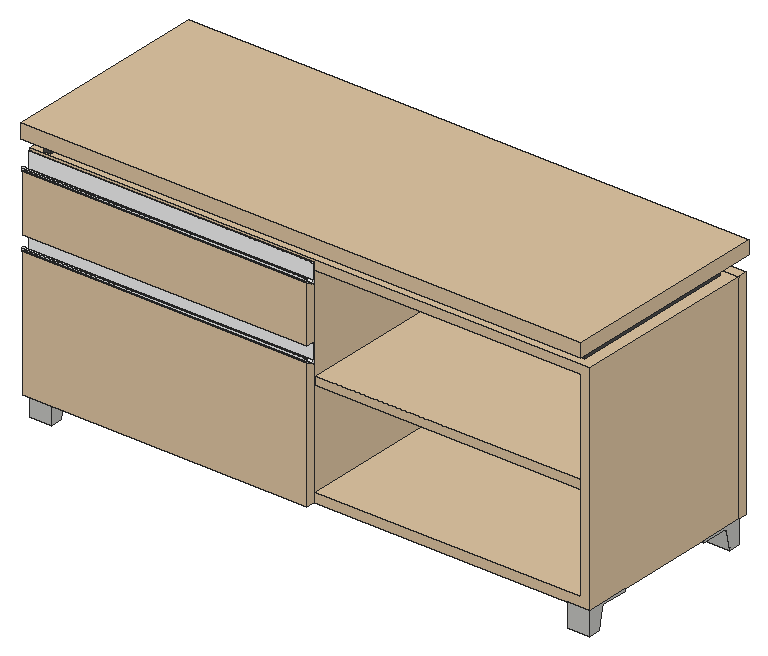
Revit family
Parameters (values of type "48" x One and One Half High")
  Warranty = "www.haworth.com/en-us/Products/Pages/Certifications.aspx"
  URL - Product = "www.haworth.com/en-us/Spaces/2011-NeoCon/New-Products/Pages/Beside-Storage.aspx"
  Two High = not(One and One Half High)  # no
  Top Open Shelf = yes
  Top Finish = Haworth - Wood - Light Maple VP-LM
  Top Drawer Location = if(and(Two High, Top Drawer, No Bottom Drawer, No Open Shelf), Base Unit Height - Top Drawer Height - 3/8", if(and(Two High, Top Open Shelf), Bottom Drawer Height, Bottom Drawer Height))  # 12 5/16"
  Top Drawer Height = if(and(Two High, Top Drawer, Bottom Drawer, No Open Shelf), Bottom Drawer Height, if(and(Two High, Top Drawer, Bottom Drawer, Top Open Shelf), (Bottom Drawer Height / 2), (Bottom Drawer Height / 2)))  # 6 5/32"
  Top Drawer = yes
  Sustainability Info = "www.haworth.com/en-us/About-Us/Sustainability/Pages/Vision.aspx"
  Straight Legs = no
  Storage Top Height = 1 3/16"  # constant formula
  Width = 48"
  Storage Top Depth = 18"  # constant formula
  Spacer Finish = Haworth - Laminate - Black
  Single Shelf = # of Shelves < 2  # yes
  Shelf Finish = Haworth - Wood - Light Maple VP-LM
  One and One Half High = yes
  No Open Shelf = not(Top Open Shelf)  # no
  No Bottom Drawer = not(Bottom Drawer)  # no
  Leg Finish = Haworth - Metallic Paint - Champagne
  Left Shelf = Top Open Shelf  # yes
  Shelves = # of Shelves > 1  # no
  Shelf Width = ((Actual Width - (2 * Panel Thickness)) / 2) - (Panel Thickness / 2)  # 22 7/8"
  Shelf Thickness = 3/4"  # constant formula
  Shelf Spacing = (Base Unit Height - (2 * Panel Thickness)) / (Actual # of Shelves + 1)  # 5.70833"
  Shelf Face Offset = 1/8"  # constant formula
  Shelf Depth = Actual Depth - 1" - Shelf Face Offset - 1/2" - 1/4"  # 14 5/8"
  Panel Thickness = 3/4"  # constant formula
  Model = "Beside"
  Middle Spacer = Actual Width > 47"  # yes
  Middle Leg Location = if(Chamfer Legs, 6 5/8", 7 3/4")  # 6 5/8"
  Middle Leg = Actual Width > 48"  # no
  Left Shelf Height = if(and(Two High, Top Drawer, Top Open Shelf), Base Height + Bottom Drawer Height + Top Drawer Height - 3/8", Base Height + Bottom Drawer Height - 3/8")  # 13 15/16"
  LEED Data = "www2.haworth.com/Promo/Reside-Beside-Belong/LEED-Beside.pdf"
  J Pull = not(Blade Pull)  # yes
  Hardware Finish = Haworth - Metal - Brushed Aluminum
  Front Finish = Haworth - Metallic Paint - Champagne
  Finished Back = yes
  Edge Finish = Haworth - Laminate - Maple H-AE
  Drawer Width = (Actual Width / 2) + (Panel Thickness / 2)  # 24 3/8"
  Drawer Offset = 5/16"  # constant formula
  Drawer Finish = Haworth - Wood - Light Maple VP-LM
  Custom Size = not(or(Width = 48", Width = 60", Width = 72"))  # no
  Chamfer Legs = not(Straight Legs)  # yes
  Cabinet Finish = Haworth - Wood - Light Maple VP-LM
  Bottom Drawer Height = if(One and One Half High, 12 5/16", (Base Unit Height / 2))  # 12 5/16"
  Description = "Beside Storage Base Unit - Double Drawer Combo"  # constant formula
  URL = "www.haworth.com"
  Size = "Verify Final Dim. w/ Haworth"  # constant formula
  Revision Number = "1"  # constant formula
  Min. Width = 48"  # constant formula
  Max. Width = 72"  # constant formula
  Min. Height = 17"  # constant formula
  Max. Height = 29"  # constant formula
  Manufacturer = "Haworth"  # constant formula
  Spacer Height = 1 3/16"  # constant formula
  Bottom Drawer = yes
  Blade Pull = no
  Base Unit Height = Actual Height - Storage Top Height - Spacer Height - Base Height  # 18 5/8"
  Base Height = 2"  # constant formula
  Back Finish = Haworth - Wood - Light Maple VP-LM
  Author = "SHAPE Environments, LLC"  # constant formula
  Assembly Code = "E2020200"
  Actual Width = if(Width > Max. Width, Max. Width, if(Width < Min. Width, Min. Width, Width))  # 48"
  Actual Height = if(One and One Half High, 23", 29")  # 23"
  Standard Width = "48, 60, 72 in."  # constant formula
  Standard Depth = "16.5 in."  # constant formula
  Standard Height = "17, 23, 29 in."  # constant formula
  Max # of Shelves = if(One and One Half High, 3, 4)  # 3
  Actual Depth = 16 1/2"  # constant formula
  Actual # of Shelves = if(# of Shelves < 2, 2, if(and(One and One Half High, # of Shelves > 3), 3, if(and(Two High, # of Shelves > 4), 4, # of Shelves)))  # 2
  # of Shelves = 1
Types (6): name | Two High | Width | One and One Half High | Shelf Width | Shelf Spacing | Middle Leg | Left Shelf Height | J Pull | Drawer Width | Blade Pull | Base Unit Height | Actual Width | Actual Height | Max # of Shelves
  48" x One and One Half High | no | 48" | yes | 22 7/8" | 5.70833" | no | 13 15/16" | yes | 24 3/8" | no | 18 5/8" | 48" | 23" | 3
  48" x Two High | yes | 48" | no | 22 7/8" | 7.70833" | no | 20 3/32" | no | 24 3/8" | yes | 24 5/8" | 48" | 29" | 4
  60" x One and One Half High | no | 60" | yes | 28 7/8" | 5.70833" | yes | 13 15/16" | no | 30 3/8" | yes | 18 5/8" | 60" | 23" | 3
  60" x Two High | yes | 60" | no | 28 7/8" | 7.70833" | yes | 20 3/32" | no | 30 3/8" | yes | 24 5/8" | 60" | 29" | 4
  72" x One and One Half High | no | 72" | yes | 34 7/8" | 5.70833" | yes | 13 15/16" | no | 36 3/8" | yes | 18 5/8" | 72" | 23" | 3
  72" x Two High | yes | 72" | no | 34 7/8" | 7.70833" | yes | 20 3/32" | no | 36 3/8" | yes | 24 5/8" | 72" | 29" | 4
Reference planes (in)
  plane 1 "Center F/B": y = 2.5
  plane 2 "Unit Bottom": z = 2
  plane 3 "Center L/R": x = 0.00055
  plane 4 "Unit Top": z = 20.625
  plane 5 "Base Bottom": z = 0
  plane 6 "Unit Left Edge": x = -23.99945
  plane 7 "Right": x = 24.00055
  plane 8 "Back": y = 10.5
  plane 9 "Face of Cabinet": y = -5.5
  plane 10 "Left Interior": x = -23.24918
  plane 11 "Right Interior": x = 23.25027
  plane 12 "Cabinet Interior Top": z = 19.875
  plane 13 "Cabinet Interior Bottom": z = 2.75
  plane 14 "Front": y = -6
  plane 15: y = 11.25
  plane 16 "Back Panel Front": y = 9.25
  plane 17 "Back Panel Back": y = 9.5
  plane 18 "Spacer Top": z = 21.8125
  plane 19 "Worksurface Top": z = 23
  plane 20 "Shelf Front Face": y = -5.375
  plane 21 "Drawer Centerline": x = -11.81195
  plane 22 "Drawer Right": x = 0.37555
  plane 23 "Left Shelf Bottom": z = 13.9375
  plane 24 "Bottom Drawer Top": z = 14.3125
  plane 25 "Top Drawer Bottom": z = 14.3125
Forms (in)
  Extrusion 1, solid, material "Haworth - Wood - Light Maple VP-LM" <- "Cabinet Finish"
    sketch origin (0, 0, 0) x (1, 0, 0) y (0, 1, 0)
      loop
        line (-23.24918, 9.5) -> (-23.24918, 9.25) -> (23.25027, 9.25) -> (23.25027, 9.5) -> (-23.24918, 9.5)
    from 2.75 to 19.875
  Extrusion 2, solid, material "Haworth - Wood - Light Maple VP-LM" <- "Cabinet Finish"
    sketch origin (0, 10.5, 0) x (1, 0, 0) y (0, 0, 1)
      loop
        line (-23.99945, 20.625) -> (-23.99945, 2) -> (24, 2) -> (24, 20.625) -> (-23.99945, 20.625)
      loop
        line (-23.24945, 19.875) -> (-23.24945, 2.75) -> (23.24945, 2.75) -> (23.24945, 19.875) -> (-23.24945, 19.875)
    from 0 to 16
  Extrusion 3, solid, material "Haworth - Wood - Light Maple VP-LM" <- "Back Finish", visible <- "Finished Back"
    sketch origin (0, 10.5, 0) x (1, 0, 0) y (0, 0, 1)
      loop
        line (-23.99945, 20.625) -> (-23.99945, 2) -> (24.00055, 2) -> (24.00055, 20.625) -> (-23.99945, 20.625)
    from 0 to -0.75
  Extrusion 4, solid, material "Haworth - Laminate - Black" <- "Spacer Finish"
    sketch origin (23.25027, -180, 0.75) x (0, 0, -1) y (0, -1, 0)
      loop
        line (-21.0625, -175.25) -> (-21.0625, -189.75) -> (-19.875, -189.75) -> (-19.875, -175.25) -> (-21.0625, -175.25)
    from 0.25082 to 0.87582
  Extrusion 5, solid, material "Haworth - Laminate - Black" <- "Spacer Finish"
    sketch origin (-23.24918, -180, 0.75) x (0, 0, -1) y (0, -1, 0)
      loop
        line (-21.0625, -174.75) -> (-21.0625, -189.25) -> (-19.875, -189.25) -> (-19.875, -174.75) -> (-21.0625, -174.75)
    from -0.25 to -0.875
  Extrusion 6, solid, material "Haworth - Laminate - Black" <- "Spacer Finish"
    sketch origin (0.00055, 0, 0) x (0, 1, 0) y (0, 0, 1)
      loop
        line (-4.75, 21.8125) -> (-4.75, 20.625) -> (9.75, 20.625) -> (9.75, 21.8125) -> (-4.75, 21.8125)
    from -0.3125 to 0.3125
  Extrusion 7, solid, material "Haworth - Wood - Light Maple VP-LM" <- "Cabinet Finish"
    sketch origin (0, 0, 0) x (1, 0, 0) y (0, 1, 0)
      loop
        line (-0.37445, 9.25) -> (-0.37445, -5.5) -> (0.37555, -5.5) -> (0.37555, 9.25) -> (-0.37445, 9.25)
    from 2.75 to 19.875
  Extrusion 8, solid, material "Haworth - Laminate - Black" <- "Spacer Finish"
    sketch origin (0, 0, 0) x (1, 0, 0) y (0, 1, 0)
      loop
        line (-22.37418, 2.875) -> (-22.37418, 2.125) -> (-0.31195, 2.125) -> (-0.31195, 2.875) -> (-22.37418, 2.875)
    from 20.625 to 21.8125
  Extrusion 9, solid, material "Haworth - Laminate - Black" <- "Spacer Finish"
    sketch origin (0.00109, 0, 0) x (-1, 0, 0) y (0, -1, 0)
      loop
        line (-22.37336, -2.875) -> (-0.31195, -2.875) -> (-0.31195, -2.125) -> (-22.37336, -2.125) -> (-22.37336, -2.875)
    from 20.625 to 21.8125
Cuts and joins
  joined: Extrusion 4, Extrusion 5, Extrusion 6, Extrusion 8, Extrusion 9
Lines and regions (in)
  Masking region 1
    outline origin (0, 0, 23) x (-1, 0, 0) y (0, -1, 0)
      loop
        line (23.99945, -11.5) -> (23.99945, 6.5) -> (-24.00055, 6.5) -> (-24.00055, -11.5) -> (23.99945, -11.5)
  symbolic lines, style "Haworth Hidden", detail levels fine
    curve 1: line (24.00055, 10.5, 20.625) -> (-23.99945, 10.5, 20.625)
    curve 2: line (-23.99945, 10.5, 20.625) -> (-23.99945, -5.5, 20.625)
    curve 3: line (24.00055, -5.5, 20.625) -> (24.00055, 10.5, 20.625)
    curve 7: line (24.00055, -5.5, 20.625) -> (-23.99945, -5.5, 20.625)
  symbolic lines, style "Haworth Hidden", visible <- "Finished Back", detail levels fine
    curve 4: line (24.00055, 10.5, 20.625) -> (24.00055, 11.25, 20.625)
    curve 5: line (24.00055, 11.25, 20.625) -> (-23.99945, 11.25, 20.625)
    curve 6: line (-23.99945, 11.25, 20.625) -> (-23.99945, 10.5, 20.625)
Dimensions and locks (in)
  equal spacing: plane 6 "Unit Left Edge", plane 3 "Center L/R", plane 7 "Right"
  "Actual Width": plane 6 "Unit Left Edge" to plane 7 "Right"
  equal spacing: plane 9 "Face of Cabinet", plane 1 "Center F/B", plane 8 "Back"
  "Actual Depth": plane 14 "Front" to plane 8 "Back"
  "Actual Height": plane 19 "Worksurface Top" to level
  Extrusion 2 to plane 7 "Right" = 0.75109"
  locked: plane 6 "Unit Left Edge" to Extrusion 2 at 0.75
  locked: plane 6 "Unit Left Edge" to plane 10 "Left Interior" at 0.75027
  locked: plane 11 "Right Interior" to plane 7 "Right" at 0.75027
  locked: plane 13 "Cabinet Interior Bottom" to plane 2 "Unit Bottom" at 0.75
  "Base Height": plane 2 "Unit Bottom" to level
  locked: plane 4 "Unit Top" to plane 12 "Cabinet Interior Top" at 0.75
  plane 15 to plane 8 "Back" = 3/4"
  plane 8 "Back" to plane 17 "Back Panel Back" to plane 16 "Back Panel Front" = 1", 1/4"
  "Base Unit Height": plane 4 "Unit Top" to plane 2 "Unit Bottom"
  "Spacer Height": plane 18 "Spacer Top" to plane 4 "Unit Top"
  locked: Extrusion 4 sketch curve to Extrusion 4 sketch curve at 14.5
  equal spacing: Extrusion 4 sketch curve, plane 1 "Center F/B", Extrusion 4 sketch curve
  locked: plane 11 "Right Interior" to Extrusion 4 at 0.25082
  locked: Extrusion 5 sketch curve to Extrusion 5 sketch curve at 14.5
  equal spacing: Extrusion 5 sketch curve, plane 1 "Center F/B", Extrusion 5 sketch curve
  locked: plane 10 "Left Interior" to Extrusion 5 at 0.25
  equal spacing: Extrusion 6 sketch curve, plane 1 "Center F/B", Extrusion 6 sketch curve
  "Middle Leg Location": plane 9 "Face of Cabinet" to nested 6
  "Shelf Face Offset": plane 9 "Face of Cabinet" to plane 20 "Shelf Front Face"
  equal spacing: Extrusion 7 sketch curve, plane 3 "Center L/R", Extrusion 7 sketch curve
  "Panel Thickness": Extrusion 7 sketch curve to Extrusion 7 sketch curve
  Extrusion 6 sketch curve to Extrusion 6 sketch curve = 14 1/2"
  "Shelf Spacing": nested 8 to plane 13 "Cabinet Interior Bottom"
  equal spacing: plane 12 "Cabinet Interior Top", nested 7, plane 13 "Cabinet Interior Bottom"
  group 1 to group 2 = 0"  (x2)
  group 1 to group 2 = 5.70833"
  "Shelf Spacing": plane 12 "Cabinet Interior Top" to nested 9
  equal spacing: plane 6 "Unit Left Edge", plane 21 "Drawer Centerline", plane 22 "Drawer Right"
  "Drawer Width": plane 6 "Unit Left Edge" to plane 22 "Drawer Right"
  "Left Shelf Height": plane 23 "Left Shelf Bottom" to plane 5 "Base Bottom"
  "Bottom Drawer Height": plane 24 "Bottom Drawer Top" to plane 2 "Unit Bottom"
  "Top Drawer Location": plane 25 "Top Drawer Bottom" to plane 2 "Unit Bottom"
  locked: Extrusion 8 sketch curve to Extrusion 8 sketch curve at 0.75
  locked: Extrusion 9 sketch curve to Extrusion 9 sketch curve at 0.75
  aligned and locked: plane 11 "Right Interior" to Extrusion 1
  aligned and locked: plane 10 "Left Interior" to Extrusion 1
  aligned and locked: level to plane 5 "Base Bottom"
  aligned and locked: plane 12 "Cabinet Interior Top" to Extrusion 2 sketch curve
  aligned and locked: plane 12 "Cabinet Interior Top" to Extrusion 1
  aligned and locked: Extrusion 1 to plane 13 "Cabinet Interior Bottom"
  aligned and locked: Masking region 1 sketch curve to Extrusion 2
  aligned and locked: plane 9 "Face of Cabinet" to Extrusion 2
  aligned and locked: plane 9 "Face of Cabinet" to nested 2
  aligned and locked: plane 6 "Unit Left Edge" to nested 2
  aligned and locked: plane 7 "Right" to nested 4
  aligned and locked: nested 4 to plane 9 "Face of Cabinet"
  aligned and locked: nested 1 to plane 6 "Unit Left Edge"
  aligned and locked: nested 3 to plane 7 "Right"
  aligned and locked: plane 8 "Back" to nested 1
  aligned and locked: nested 3 to plane 8 "Back"
  aligned and locked: Extrusion 3 sketch curve to Extrusion 2  (x2)
  aligned and locked: Extrusion 3 sketch curve to nested 3
  aligned and locked: Extrusion 3 to plane 15
  aligned and locked: plane 17 "Back Panel Back" to Extrusion 1
  aligned and locked: plane 16 "Back Panel Front" to Extrusion 1
  aligned and locked: plane 2 "Unit Bottom" to Extrusion 3 sketch curve
  aligned and locked: plane 3 "Center L/R" to nested 5
  aligned: plane 1 "Center F/B" to nested 5
  aligned and locked: Extrusion 4 sketch curve to plane 18 "Spacer Top"
  aligned and locked: plane 4 "Unit Top" to Extrusion 4 sketch curve
  aligned and locked: nested 6 to plane 3 "Center L/R"
  aligned and locked: Extrusion 7 to plane 13 "Cabinet Interior Bottom"
  aligned and locked: plane 12 "Cabinet Interior Top" to Extrusion 7
  aligned and locked: plane 18 "Spacer Top" to Extrusion 6
  aligned and locked: Extrusion 6 to plane 4 "Unit Top"
  aligned and locked: plane 18 "Spacer Top" to Extrusion 5
  aligned and locked: Extrusion 5 to plane 4 "Unit Top"
  aligned and locked: plane 20 "Shelf Front Face" to nested 9
  aligned and locked: nested 8 to plane 20 "Shelf Front Face"
  aligned and locked: plane 20 "Shelf Front Face" to nested 7
  aligned and locked: nested 9 to plane 11 "Right Interior"
  aligned and locked: nested 7 to plane 11 "Right Interior"
  aligned and locked: nested 8 to plane 11 "Right Interior"
  aligned and locked: plane 1 "Center F/B" to nested 5
  aligned and locked: plane 21 "Drawer Centerline" to nested 10
  aligned and locked: plane 9 "Face of Cabinet" to nested 10
  aligned and locked: plane 21 "Drawer Centerline" to nested 12
  aligned and locked: plane 20 "Shelf Front Face" to nested 12
  aligned and locked: nested 12 to plane 23 "Left Shelf Bottom"
  aligned: plane 23 "Left Shelf Bottom" to nested 11
  aligned and locked: plane 19 "Worksurface Top" to nested 5
  aligned and locked: plane 25 "Top Drawer Bottom" to nested 11
  aligned and locked: plane 21 "Drawer Centerline" to nested 11
  aligned and locked: Masking region 1 sketch curve to nested 5  (x2)
  aligned and locked: Extrusion 8 to plane 4 "Unit Top"
  aligned and locked: plane 18 "Spacer Top" to Extrusion 8
  aligned and locked: Extrusion 9 to plane 4 "Unit Top"
  aligned and locked: plane 18 "Spacer Top" to Extrusion 9
Automatic sketch dimensions
  Extrusion 1 sketch curve to plane 10 "Left Interior" = 0"
  Extrusion 1 sketch curve to plane 11 "Right Interior" = 0"
  plane 16 "Back Panel Front" to Extrusion 1 sketch curve = 0"
  Extrusion 1 sketch curve to plane 17 "Back Panel Back" = 0"
  Extrusion 2 sketch curve to plane 2 "Unit Bottom" = 0"
  Extrusion 2 sketch curve to plane 6 "Unit Left Edge" = 0"
  Extrusion 2 sketch curve to plane 13 "Cabinet Interior Bottom" = 0"
  Extrusion 2 sketch curve to plane 4 "Unit Top" = 0"
  plane 10 "Left Interior" to Extrusion 2 sketch curve = 0.00027"
  plane 11 "Right Interior" to Extrusion 2 sketch curve = 0.00082"
  Extrusion 2 sketch curve to plane 7 "Right" = 0.00055"
  plane 18 "Spacer Top" to Extrusion 5 sketch curve = 0"
  Extrusion 5 sketch curve to plane 4 "Unit Top" = 0"
  Extrusion 5 sketch curve to plane 16 "Back Panel Front" = 0"
  plane 9 "Face of Cabinet" to Extrusion 7 sketch curve = 0"
  plane 16 "Back Panel Front" to Extrusion 7 sketch curve = 0"
  Extrusion 6 sketch curve to plane 19 "Worksurface Top" = 1 3/16"
  Extrusion 6 sketch curve to plane 4 "Unit Top" = 0"
  plane 1 "Center F/B" to Extrusion 8 sketch curve = 3/8"
  Extrusion 8 sketch curve to plane 10 "Left Interior" = 7/8"
  Extrusion 8 sketch curve to plane 3 "Center L/R" = 5/16"
  Extrusion 9 sketch curve to plane 1 "Center F/B" = 3/8"
  Extrusion 9 sketch curve to plane 11 "Right Interior" = 0.87582"
  plane 22 "Drawer Right" to Extrusion 9 sketch curve = 1/16"
  Masking region 1 sketch curve to plane 7 "Right" = 0"
  curve 3 to plane 7 "Right" = 0"
  curve 7 to plane 6 "Unit Left Edge" = 0"
  plane 15 to curve 4 = 0"
  plane 8 "Back" to curve 4 = 0"
  plane 9 "Face of Cabinet" to curve 2 = 0"
Nested families (in)
  nested 1: "Haworth_Feet" at (-23.06195, 10.5, 0), type "Haworth_Feet"
    with Straight Leg no, Foot Height 2", Chamfer Leg yes
  nested 2: "Haworth_Feet" at (-23.06195, -5.5, 0), type "Haworth_Feet"
    with Straight Leg no, Foot Height 2", Chamfer Leg yes
  nested 3: "Haworth_Feet" at (23.06305, 10.5, 0) x (-1, 0, 0) z (0, 0, 1), type "Haworth_Feet"
    with Straight Leg no, Foot Height 2", Chamfer Leg yes
  nested 4: "Haworth_Feet" at (23.06305, -5.5, 0) x (-1, 0, 0) z (0, 0, 1), type "Haworth_Feet"
    with Straight Leg no, Foot Height 2", Chamfer Leg yes
  nested 5: "Haworth_Beside-Storage-Top" at (0.00055, 2.5, 6), type "17" x 72""
    with Top Height 17", Mounting Offset 15 13/16", Width 48", Actual Width 48"
  nested 6: "Haworth_Feet" at (0.00055, 1.125, 0) x (-1, 0, 0) z (0, 0, 1), visible <- "Middle Leg", type "Haworth_Feet"
    with Straight Leg no, Foot Height 2", Chamfer Leg yes
  nested 7: "Haworth_Shelf" at (3.56277, -2.3125, 10.9375), visible <- "Single Shelf", type "Haworth_Shelf"
    with Shelf Width 22 7/8", Shelf Depth 14 5/8"
  nested 8: "Haworth_Shelf" at (3.56277, -2.3125, 8.08333), visible <- "Shelves", type "Haworth_Shelf"
    with Shelf Width 22 7/8", Shelf Depth 14 5/8"
  nested 9: "Haworth_Shelf" at (3.56277, -2.3125, 13.79167), visible <- "Shelves", type "Haworth_Shelf"
    with Shelf Width 22 7/8", Shelf Depth 14 5/8"
  nested 10: "Haworth_Drawer" at (-11.81195, -5.5, 2), Drawer Height <- "Bottom Drawer Height", visible <- "Bottom Drawer", type "Haworth_Drawer"
    with J Pull Drawer yes, Drawer Height 12 5/16", J Pull yes, Drawer Width 24 3/8", Flush Drawer no, Blade Pull no
  nested 11: "Haworth_Drawer" at (-11.81195, -5.5, 14.3125), visible <- "Top Drawer", Drawer Height <- "Top Drawer Height", type "Haworth_Drawer"
    with J Pull Drawer yes, Drawer Height 6 5/32", J Pull yes, Drawer Width 24 3/8", Flush Drawer no, Blade Pull no
  nested 12: "Haworth_Shelf" at (-20.06195, -2.3125, 13.9375), visible <- "Left Shelf", type "Haworth_Shelf"
    with Shelf Width 22 7/8", Shelf Depth 14 5/8"
Definition of nested family "Haworth_Feet"
  Parameters (values of type "Haworth_Leg")
    URL = "www.haworth.com"
    Sustainability Info = ""
    Straight Leg = not(Chamfer Leg)  # yes
    Material Options = ""
    Manufacturer = "Haworth"  # constant formula
    LEED Data = ""
    Foot Height = 1 1/4"
    Foot Finish = Haworth - Metal - Brushed Aluminum
    Chamfer Leg = no
    Author = "SHAPE Environments, LLC"  # constant formula
    Assembly Code = ""
  Reference planes (in)
    plane 1 "Center F/B": y = 0
    plane 2: z = 0
    plane 3 "Center L/R": x = 0
    plane 4: z = 1.25
  Forms (in)
    Extrusion 1, solid, material "Haworth - Metal - Brushed Aluminum" <- "Foot Finish", visible <- "Chamfer Leg"
      sketch origin (-0.14373, 0, 0) x (0, 1, 0) y (0, 0, 1)
        loop
          line (-1.26716, 0.85296) -> (-1.125, 0) -> (0, 0) -> (0, 1.25) -> (-3.75, 1.25) -> (-3.75, 1.06186) -> (-1.51376, 1.06186)
          arc (-1.51376, 1.06186) -> (-1.35216, 1.00262) -> (-1.26716, 0.85296) r 0.25
      from -0.79377 to 1.08123
    Extrusion 2, solid, material "Haworth - Metal - Brushed Aluminum" <- "Foot Finish", visible <- "Straight Leg"
      sketch origin (0, 0, 0) x (1, 0, 0) y (0, 0, 1)
        loop
          line (-0.75, 1.25) -> (-0.75, 0) -> (0.75, 0) -> (0.75, 1.25) -> (-0.75, 1.25)
      from 0 to 1.5
  Dimensions and locks (in)
    "Foot Height": plane 4 to level
    plane 1 "Center F/B" to Extrusion 1 sketch curve = 3 3/4"
    equal spacing: Extrusion 2 sketch curve, plane 3 "Center L/R", Extrusion 2 sketch curve
    Extrusion 2 sketch curve to Extrusion 2 sketch curve = 1 1/2"
    locked: level to Extrusion 1 sketch curve (angle 80.5377°)
    aligned and locked: Extrusion 2 sketch curve to Extrusion 1  (x2)
    aligned: Extrusion 2 to plane 1 "Center F/B"
  Automatic sketch dimensions
    Extrusion 1 sketch curve to level = 0"
    Extrusion 1 sketch curve to plane 1 "Center F/B" = 0"
    plane 4 to Extrusion 1 sketch curve = 0"
    plane 4 to Extrusion 1 sketch curve = 0.18814"
    plane 1 "Center F/B" to Extrusion 1 sketch curve = 1.51376"
    plane 4 to Extrusion 1 sketch curve = 0.39704"
    Extrusion 1 sketch curve to Extrusion 1 sketch curve = 0.2466"
Definition of nested family "Haworth_Beside-Storage-Top"
  Parameters (values of type "17" x 72"")
    Width = 72"
    Warranty = "www.haworth.com/en-us/Products/Pages/Certifications.aspx"
    URL - Product = ""
    URL = "www.haworth.com"
    Top Thickness = 1 3/16"  # constant formula
    Top Height [instance] = 17"
    Sustainability Info = "www.haworth.com/en-us/About-Us/Sustainability/Pages/Vision.aspx"
    Size = "Verify Final Dim. w/ Haworth"  # constant formula
    Revision Number = "1"  # constant formula
    Mounting Offset [instance] = Top Height - Top Thickness  # 15 13/16"
    Model = "Beside"
    Min/Max Width = "24-96 in."  # constant formula
    Depth = "18 in."  # constant formula
    Min. Width = 24"  # constant formula
    Max. Width = 96"  # constant formula
    Manufacturer = "Haworth"  # constant formula
    LEED Data = ""
    Top Finish = Haworth - Wood - Light Maple VP-LM
    Edge Finish = Haworth - Wood - Light Maple VP-LM
    Description = "Beside Storage Top"  # constant formula
    Author = "SHAPE Environments, LLC"  # constant formula
    Assembly Code = "E2020200"
    Actual Width = if(Width > Max. Width, Max. Width, if(Width < Min. Width, Min. Width, Width))  # 72"
    Actual Depth = 18"  # constant formula
  Reference planes (in)
    plane 1 "Storage Top Center F/B": y = 0
    plane 2: z = 0
    plane 3 "Storage Top Center L/R": x = 0
    plane 4 "Left": x = -36
    plane 5 "Back": y = 9
    plane 6 "Front": y = -9
    plane 7 "Right": x = 36
    plane 8 "Top": z = 17
    plane 9 "Bottom": z = 15.8125
  Forms (in)
    Extrusion 1, solid, material "Haworth - Wood - Light Maple VP-LM" <- "Top Finish"
      sketch origin (-36.03948, -180, 15.8125) x (-1, 0, 0) y (0, -1, 0)
        loop
          line (-0.03948, -189) -> (-0.03948, -171) -> (-72.03948, -171) -> (-72.03948, -189) -> (-0.03948, -189)
      from 0 to 1.1875
  Dimensions and locks (in)
    equal spacing: plane 5 "Back", plane 1 "Storage Top Center F/B", plane 6 "Front"
    "Actual Depth": plane 5 "Back" to plane 6 "Front"
    equal spacing: plane 4 "Left", plane 3 "Storage Top Center L/R", plane 7 "Right"
    "Actual Width": plane 4 "Left" to plane 7 "Right"
    "Mounting Offset": plane 9 "Bottom" to level
    "Top Thickness": plane 8 "Top" to plane 9 "Bottom"
    aligned and locked: plane 5 "Back" to Extrusion 1 sketch curve
    aligned and locked: plane 7 "Right" to Extrusion 1 sketch curve
    aligned and locked: plane 6 "Front" to Extrusion 1 sketch curve
    aligned and locked: plane 4 "Left" to Extrusion 1 sketch curve
    aligned and locked: plane 8 "Top" to Extrusion 1
    aligned and locked: Extrusion 1 to plane 5 "Back"
    aligned and locked: Extrusion 1 to plane 9 "Bottom"
Definition of nested family "Haworth_Shelf"
  Parameters (values of type "Haworth_Shelf")
    Warranty = ""
    URL - Product = ""
    URL = "www.haworth.com"
    Sustainability Info = ""
    Size = "Verify Final Dim. w/ Haworth"  # constant formula
    Shelf Thickness = 3/4"
    Shelf Finish = Haworth - Wood - Light Maple VP-LM
    Revision Number = ""
    Shelf Width = 70 1/2"
    Shelf Depth = 12"
    OmniClass Number = ""
    Min/Max Width = ""
    Min/Max Height = ""
    Min. Width = 0"
    Max. Width = 0"
    Min. Height = 0"
    Max. Height = 0"
    Material Options = ""
    Manufacturer = "Haworth"  # constant formula
    LEED Data = ""
    Author = "SHAPE Environments, LLC"  # constant formula
    Assembly Code = ""
  Reference planes (in)
    plane 1 "Center F/B": y = 4.25
    plane 2: z = 0
    plane 3 "Center L/R": x = 8.25
    plane 4 "Panel Left": x = -27
    plane 5 "Panel Right": x = 43.5
    plane 6 "Panel Back": y = 10.25
    plane 7 "Panel Front": y = -1.75
    plane 8 "Panel Top": z = 0.75
    plane 9 "Panel Centerline": z = 0.375
  Forms (in)
    Extrusion 1, solid, material "Haworth - Wood - Light Maple VP-LM" <- "Shelf Finish"
      sketch origin (0, 0, 0) x (1, 0, 0) y (0, 1, 0)
        loop
          line (-27, 10.25) -> (-27, -1.75) -> (43.5, -1.75) -> (43.5, 10.25) -> (-27, 10.25)
      from 0 to 0.75
  Dimensions and locks (in)
    equal spacing: plane 6 "Panel Back", plane 1 "Center F/B", plane 7 "Panel Front"
    "Shelf Depth": plane 6 "Panel Back" to plane 7 "Panel Front"
    equal spacing: plane 4 "Panel Left", plane 3 "Center L/R", plane 5 "Panel Right"
    "Shelf Width": plane 4 "Panel Left" to plane 5 "Panel Right"
    "Shelf Thickness": plane 8 "Panel Top" to level
    equal spacing: plane 8 "Panel Top", plane 9 "Panel Centerline", plane 2
    aligned and locked: plane 4 "Panel Left" to Extrusion 1 sketch curve
    aligned and locked: Extrusion 1 sketch curve to plane 6 "Panel Back"
    aligned and locked: Extrusion 1 sketch curve to plane 7 "Panel Front"
    aligned and locked: Extrusion 1 sketch curve to plane 5 "Panel Right"
    aligned and locked: plane 8 "Panel Top" to Extrusion 1
Definition of nested family "Haworth_Drawer"
  Parameters (values of type "Haworth_Drawer")
    Pull Taper = no
    Pull Radius = no
    Pull Patterns = no
    Pull Linear = no
    Pull Height = 1 7/16"
    Pull Finish = Haworth - Metal - Brushed Aluminum
    Pull Ellipse = no
    Pull Crescent = no
    Pull Classic = no
    J Pull Drawer [instance] = J Pull  # no
    J Pull = no
    Integral Pull = no
    Front Finish = Haworth - Metallic Paint - Champagne
    Drawer Width = 36 3/8"
    Flush Drawer = not(J Pull)  # yes
    Drawer Height [instance] = 12"
    Drawer Finish = Haworth - Wood - Light Maple VP-LM
    Blade Pull = yes
    Assembly Code = ""
  Reference planes (in)
    plane 1 "Drawer Back": y = 0
    plane 2: z = 0
    plane 3 "Center L/R": x = 0
    plane 4 "Drawer Front": y = -0.75
    plane 5 "Left": x = -18.1875
    plane 6 "Right": x = 18.1875
    plane 7 "Top": z = 12
  Forms (in)
    Extrusion 1, solid, material "Haworth - Wood - Light Maple VP-LM" <- "Drawer Finish", visible <- "J Pull Drawer"
      sketch origin (-18.1875, 0, 0) x (0, 1, 0) y (0, 0, 1)
        loop
          line (0, 10.3125) -> (-0.75, 10.75) -> (-0.75, 0) -> (0, 0) -> (0, 10.3125)
      from 0 to 36.375
    Extrusion 2, solid, material "Haworth - Wood - Light Maple VP-LM" <- "Drawer Finish", visible <- "Flush Drawer"
      sketch origin (-18.1875, 0, 2.25) x (0, 1, 0) y (0, 0, 1)
        loop
          line (0, 9.65625) -> (-0.75, 9.65625) -> (-0.75, -2.25) -> (0, -2.25) -> (0, 9.65625)
      from 0 to 36.375
    Extrusion 3, solid, material "Haworth - Metal - Brushed Aluminum" <- "Pull Finish", visible <- "J Pull"
      sketch origin (0, 0, 0) x (0, 1, 0) y (0, 0, 1)
        loop
          arc (0, 11.96875) -> (-0.03125, 12) -> (-0.0625, 11.96875) r 0.03125
          line (-0.0625, 11.96875) -> (-0.0625, 10.63894)
          arc (-0.0625, 10.63894) -> (-0.12524, 10.53055) -> (-0.25048, 10.53097) r 0.125
          line (-0.25048, 10.53097) -> (-0.71851, 10.80399)
          arc (-0.71851, 10.80399) -> (-0.72986, 10.81541) -> (-0.73401, 10.83098) r 0.03125
          line (-0.73401, 10.83098) -> (-0.73401, 11.03125)
          arc (-0.73401, 11.03125) -> (-0.76526, 11.0625) -> (-0.79651, 11.03125) r 0.03125
          line (-0.79651, 11.03125) -> (-0.79651, 10.83098)
          arc (-0.79651, 10.83098) -> (-0.78406, 10.78429) -> (-0.75, 10.75) r 0.09375
          line (-0.75, 10.75) -> (0, 10.3125) -> (0, 11.96875)
      from -18.1875 to 18.1875
  Dimensions and locks (in)
    equal spacing: plane 5 "Left", plane 3 "Center L/R", plane 6 "Right"
    "Drawer Width": plane 5 "Left" to plane 6 "Right"
    locked: plane 1 "Drawer Back" to plane 4 "Drawer Front" at 0.75
    "Drawer Height": plane 7 "Top" to level
    aligned and locked: Extrusion 1 sketch curve to plane 1 "Drawer Back"
    aligned and locked: Extrusion 1 sketch curve to plane 2
    aligned and locked: Extrusion 1 sketch curve to plane 4 "Drawer Front"
    aligned and locked: Extrusion 1 to plane 6 "Right"
    aligned and locked: Extrusion 2 to plane 6 "Right"
    aligned and locked: plane 1 "Drawer Back" to Extrusion 2 sketch curve
    aligned and locked: level to Extrusion 2 sketch curve
    aligned and locked: Extrusion 2 sketch curve to plane 4 "Drawer Front"
    aligned: nested 1 to plane 7 "Top"  (x2)
    aligned: nested 1 to plane 4 "Drawer Front"
    aligned and locked: plane 3 "Center L/R" to nested 1
    aligned and locked: plane 1 "Drawer Back" to nested 1
    aligned and locked: Extrusion 3 to plane 5 "Left"
    aligned and locked: Extrusion 3 to plane 6 "Right"
    aligned and locked: plane 7 "Top" to nested 1
    aligned and locked: Extrusion 2 sketch curve to nested 1
  Automatic sketch dimensions
    Extrusion 3 sketch curve to Extrusion 3 sketch curve = 0"  (x2)
    Extrusion 3 sketch curve to plane 1 "Drawer Back" = 0"
    Extrusion 3 sketch curve to plane 4 "Drawer Front" = 0.01526"
    plane 4 "Drawer Front" to Extrusion 3 sketch curve = 0"
    Extrusion 3 sketch curve to Extrusion 3 sketch curve = 1/32"
    Extrusion 3 sketch curve to Extrusion 3 sketch curve = 0.06298"
    plane 1 "Drawer Back" to Extrusion 3 sketch curve = 1/16"
    Extrusion 3 sketch curve to plane 7 "Top" = 1/32"
    Extrusion 3 sketch curve to plane 7 "Top" = 31/32"
    Extrusion 3 sketch curve to Extrusion 3 sketch curve = 0.20027"
    Extrusion 3 sketch curve to Extrusion 3 sketch curve = 0.19203"
    Extrusion 3 sketch curve to Extrusion 3 sketch curve = 0.32644"
    Extrusion 1 sketch curve to plane 7 "Top" = 1 11/16"
    Extrusion 3 sketch curve to Extrusion 3 sketch curve = 0.03149"
    Extrusion 3 sketch curve to Extrusion 3 sketch curve = 0.0155"
    Extrusion 3 sketch curve to Extrusion 3 sketch curve = 0.18798"
    Extrusion 1 sketch curve to Extrusion 1 sketch curve = 7/16"
  Nested families (in)
    nested 1: "Haworth_Drawer-Pulls" at (0, 0, 11.95313), type "Pull"
      with Width 36 3/8", Blade yes
  Definition of nested family "Haworth_Drawer-Pulls"
    Parameters (values of type "Pull")
      Width = 23 1/8"
      Taper = no
      Radius = no
      Patterns = no
      Linear = no
      Handle Finish = Haworth - Metal - Satin Nickel
      Ellipse = no
      Cresent = no
      Classic = no
      Blade = no
      Assembly Code = ""
    Reference planes (in)
      plane 1 "Center Front/Back": y = 0
      plane 2: z = 0
      plane 3 "Center Left/Right": x = 0
      plane 4 "Left": x = -11.5625
      plane 5 "Right": x = 11.5625
    Forms (in)
      Extrusion 1, solid, material "Haworth - Metal - Satin Nickel" <- "Handle Finish", visible <- "Ellipse"
        sketch origin (0, 0, 0.15915) x (0, 1, 0) y (0, 0, 1)
          loop
            arc (-0.03015, 0) -> (-0.26713, -0.02983) -> (-0.49038, -0.11475) r 1.00501
            arc (-0.49038, -0.11475) -> (-0.65216, -0.22112) -> (-0.78985, -0.35725) r 0.97894
            arc (-0.78985, -0.35725) -> (-0.87314, -0.47263) -> (-0.94033, -0.59807) r 1.0667
            arc (-0.94033, -0.59807) -> (-0.90977, -0.66145) -> (-0.84562, -0.63254) r 0.05041
            arc (-0.84562, -0.63254) -> (-0.67669, -0.39049) -> (-0.44702, -0.20509) r 1.04885
            arc (-0.44702, -0.20509) -> (-0.35012, -0.16094) -> (-0.24858, -0.12892) r 0.8735
            arc (-0.24858, -0.12892) -> (-0.16053, -0.15188) -> (-0.11419, -0.23018) r 0.11948
            arc (-0.11419, -0.23018) -> (-0.0664, -0.27738) -> (0, -0.26729) r 0.07488
            line (0, -0.26729) -> (0, -0.05102) -> (-0.03015, 0)
        from -6.51863 to 6.51698
      Extrusion 2, void
        sketch origin (0, 0, 0.15915) x (1, 0, 0) y (0, 1, 0)
          loop
            line (-6.49996, 0) -> (-6.67266, 0) -> (-6.67266, -1.11616) -> (6.67266, -1.11616) -> (6.67266, 0) -> (6.49996, 0)
            arc (6.49996, 0) -> (6.46575, -0.17809) -> (6.37201, -0.33332) r 0.51574
            arc (6.37201, -0.33332) -> (6.23583, -0.44508) -> (6.07096, -0.50713) r 0.54076
            arc (6.07096, -0.50713) -> (4.5721, -0.7479) -> (3.05951, -0.87689) r 20.46435
            arc (3.05951, -0.87689) -> (0, -0.95029) -> (-3.05951, -0.87689) r 63.79827
            arc (-3.05951, -0.87689) -> (-4.5721, -0.7479) -> (-6.07096, -0.50713) r 20.46435
            arc (-6.07096, -0.50713) -> (-6.23583, -0.44508) -> (-6.37201, -0.33332) r 0.54076
            arc (-6.37201, -0.33332) -> (-6.46575, -0.17809) -> (-6.49996, 0) r 0.51574
        from 0 to -0.90865
      Blend 3, solid, material "Haworth - Metal - Satin Nickel" <- "Handle Finish", visible <- "Radius"
        base sketch origin (0, 0, 0.3125) x (0, 1, 0) y (0, 0, -1)
          loop
            line (0, 0) -> (0, 0.625) -> (-0.40339, 0.625)
            arc (-0.40339, 0.625) -> (-0.71589, 0.3125) -> (-0.40339, 0) r 0.3125
            line (-0.40339, 0) -> (0, 0)
        top sketch origin (0, 0, 0.3125) x (0, 1, 0) y (0, 0, -1)
          loop
            line (0, 0) -> (0, 0.625) -> (-0.77884, 0.625)
            arc (-0.77884, 0.625) -> (-1.09134, 0.3125) -> (-0.77884, 0) r 0.3125
            line (-0.77884, 0) -> (0, 0)
        from -4.875 to -3.625
      Sweep 4, solid, material "Haworth - Metal - Satin Nickel" <- "Handle Finish", visible <- "Radius"
        path origin (0, 0, 0) x (1, 0, 0) y (0, 1, 0)
          loop
            arc (-4.875, -0.71589) -> (0, -1.5425) -> (4.875, -0.71589) r 14.78881
        profile origin (0, -1.5425, 0) x (0, 1, 0) y (0, 0, 1)
          loop
            circle (0.3125, 0) r 0.30469
      Extrusion 5, solid, material "Haworth - Metal - Satin Nickel" <- "Handle Finish", visible <- "Taper"
        sketch origin (0, 0, 0.27281) x (0, 1, 0) y (0, 0, 1)
          loop
            line (0, 0) -> (-0.875, 0)
            arc (-0.875, 0) -> (-0.96339, -0.03661) -> (-1, -0.125) r 0.125
            line (-1, -0.125) -> (-1, -0.7) -> (-0.96886, -0.7) -> (-0.96886, -0.1251)
            arc (-0.96886, -0.1251) -> (-0.94137, -0.05874) -> (-0.875, -0.03125) r 0.09386
            line (-0.875, -0.03125) -> (-0.03125, -0.03125) -> (-0.03125, -0.53) -> (0, -0.53) -> (0, 0)
        from -6.5565 to 6.5565
      Extrusion 6, void
        sketch origin (0, 0, 0.27281) x (1, 0, 0) y (0, 0, 1)
          loop
            arc (-4.66766, -0.7191) -> (-5.43127, -0.52453) -> (-6.00867, 0.01172) r 1.59575
            line (-6.00867, 0.01172) -> (-6.29395, 0.01172) -> (-6.29395, -1) -> (6.85981, -1) -> (6.85981, 0.01172) -> (6.57454, 0.01172)
            arc (6.57454, 0.01172) -> (5.99714, -0.52453) -> (5.23353, -0.7191) r 1.59575
            line (5.23353, -0.7191) -> (-4.66766, -0.7191)
        from 0 to 2.20115
      Sweep 7, solid, material "Haworth - Metal - Satin Nickel" <- "Handle Finish", visible <- "Cresent"
        path origin (0, 0, 0.125) x (1, 0, 0) y (0, 1, 0)
          loop
            arc (-3.80272, 0.04) -> (0, -1.24998) -> (3.80273, 0.04) r 6.25
        profile origin (0, -1.24998, 0.125) x (0, 1, 0) y (0, 0, 1)
          loop
            circle (0.125, -0.125) r 0.125
      Extrusion 8, void
        sketch origin (0, 0, 0.125) x (1, 0, 0) y (0, 1, 0)
          loop
            line (-3.94545, 0) -> (3.94399, 0) -> (3.94399, 0.32073) -> (-3.94545, 0.32073) -> (-3.94545, 0)
        from 0.03472 to -0.28458
      Extrusion 9, solid, material "Haworth - Metal - Satin Nickel" <- "Handle Finish", visible <- "Linear"
        sketch origin (0, 0, 0.125) x (1, 0, 0) y (0, 1, 0)
          loop
            line (-4, 0) -> (-4, -1.25) -> (4, -1.25) -> (4, 0) -> (3, 0) -> (3, -1) -> (-3, -1) -> (-3, 0) -> (-4, 0)
        from 0 to -0.25
      Extrusion 10, solid, material "Haworth - Metal - Satin Nickel" <- "Handle Finish", visible <- "Classic"
        sketch origin (0, 0, 0.375) x (1, 0, 0) y (0, 0, 1)
          loop
            line (-3.375, 0) -> (-3.375, -0.75)
            arc (-3.375, -0.75) -> (-3, -0.375) -> (-3.375, 0) r 0.375
        from 0 to 1
      Extrusion 11, solid, material "Haworth - Metal - Satin Nickel" <- "Handle Finish", visible <- "Classic"
        sketch origin (0, 0, 0.375) x (-1, 0, 0) y (0, 0, -1)
          loop
            arc (-3.375, 0) -> (-3, 0.375) -> (-3.375, 0.75) r 0.375
            line (-3.375, 0.75) -> (-3.375, 0)
        from 0 to 1
      Extrusion 12, solid, material "Haworth - Metal - Satin Nickel" <- "Handle Finish", visible <- "Classic"
        sketch origin (0, 0, 0.375) x (1, 0, 0) y (0, 0, 1)
          loop
            line (-3.375, 0) -> (-3.375, -0.75) -> (3.375, -0.75) -> (3.375, 0) -> (-3.375, 0)
        from 1 to 1.25
      Blend 13, solid, material "Haworth - Metal - Satin Nickel" <- "Handle Finish", visible <- "Radius"
        base sketch origin (0, 0, 0.3125) x (0, 1, 0) y (0, 0, 1)
          loop
            line (0, 0) -> (-0.40339, 0)
            arc (-0.40339, 0) -> (-0.71589, -0.3125) -> (-0.40339, -0.625) r 0.3125
            line (-0.40339, -0.625) -> (0, -0.625) -> (0, 0)
        top sketch origin (0, 0, 0.3125) x (0, 1, 0) y (0, 0, 1)
          loop
            line (0, 0) -> (-0.77884, 0)
            arc (-0.77884, 0) -> (-1.09134, -0.3125) -> (-0.77884, -0.625) r 0.3125
            line (-0.77884, -0.625) -> (0, -0.625) -> (0, 0)
        from -4.875 to -3.625
      Extrusion 14, solid, material "Haworth - Metal - Satin Nickel" <- "Handle Finish", visible <- "Patterns"
        sketch origin (0, 0, 0.27281) x (0, 1, 0) y (0, 0, 1)
          loop
            line (0, 0) -> (-0.875, 0)
            arc (-0.875, 0) -> (-0.96339, -0.03661) -> (-1, -0.125) r 0.125
            line (-1, -0.125) -> (-1, -0.7) -> (-0.96886, -0.7) -> (-0.96886, -0.1251)
            arc (-0.96886, -0.1251) -> (-0.94137, -0.05874) -> (-0.875, -0.03125) r 0.09386
            line (-0.875, -0.03125) -> (-0.03125, -0.03125) -> (-0.03125, -0.53) -> (0, -0.53) -> (0, 0)
        from -4 to 4
      Extrusion 15, solid, material "Haworth - Metal - Satin Nickel" <- "Handle Finish", visible <- "Blade"
        sketch origin (0, 0, 0) x (1, 0, 0) y (0, 1, 0)
          loop
            line (-11.5625, 0) -> (-11.5625, -1.125)
            arc (-11.5625, -1.125) -> (-11.52589, -1.21339) -> (-11.4375, -1.25) r 0.125
            line (-11.4375, -1.25) -> (11.4375, -1.25)
            arc (11.4375, -1.25) -> (11.52589, -1.21339) -> (11.5625, -1.125) r 0.125
            line (11.5625, -1.125) -> (11.5625, 0) -> (-11.5625, 0)
        from -0.04688 to 0.04688
    Cuts and joins
      Extrusion 2 cuts Extrusion 1
      joined: Extrusion 10, Extrusion 11, Extrusion 12
      Extrusion 6 cuts Extrusion 5
      Extrusion 8 cuts Sweep 7
      joined: Blend 3, Sweep 4, Blend 13
    Dimensions and locks (in)
      equal spacing: plane 5 "Right", plane 3 "Center Left/Right", plane 4 "Left"
      "Width": plane 5 "Right" to plane 4 "Left"
      aligned and locked: plane 4 "Left" to Extrusion 15 sketch curve
      aligned and locked: plane 1 "Center Front/Back" to Extrusion 15 sketch curve
      aligned and locked: Extrusion 15 sketch curve to plane 5 "Right"
    Automatic sketch dimensions
      Extrusion 1 sketch curve to plane 1 "Center Front/Back" = 0"
      plane 1 "Center Front/Back" to Extrusion 1 sketch curve = 0.024"
      plane 1 "Center Front/Back" to Extrusion 1 sketch curve = 0.03015"
      Extrusion 1 sketch curve to Extrusion 1 sketch curve = 0.0121"
      Extrusion 1 sketch curve to Extrusion 1 sketch curve = 0.00099"
      plane 1 "Center Front/Back" to Extrusion 1 sketch curve = 0.04326"
      Extrusion 1 sketch curve to Extrusion 1 sketch curve = 0.07093"
      Extrusion 1 sketch curve to Extrusion 1 sketch curve = 0.11825"
      level to Extrusion 1 sketch curve = 0.03024"
      Extrusion 1 sketch curve to Extrusion 1 sketch curve = 0.01614"
      Extrusion 1 sketch curve to level = 0.04593"
      Extrusion 1 sketch curve to Extrusion 1 sketch curve = 0.19844"
      level to Extrusion 1 sketch curve = 0.04441"
      Extrusion 1 sketch curve to Extrusion 1 sketch curve = 0.04336"
      Extrusion 1 sketch curve to Extrusion 1 sketch curve = 0"  (x2)
      Extrusion 1 sketch curve to level = 0.1981"
      Extrusion 1 sketch curve to Extrusion 1 sketch curve = 0.34283"
      Extrusion 1 sketch curve to Extrusion 1 sketch curve = 0.05577"
      Extrusion 1 sketch curve to Extrusion 1 sketch curve = 0.04691"
      Extrusion 1 sketch curve to Extrusion 1 sketch curve = 0.0478"
      Extrusion 1 sketch curve to plane 1 "Center Front/Back" = 0.03148"
      Extrusion 1 sketch curve to Extrusion 1 sketch curve = 0.05891"
      Extrusion 1 sketch curve to Extrusion 1 sketch curve = 0.06791"
      Extrusion 1 sketch curve to level = 0.10813"
      Extrusion 1 sketch curve to level = 0.08815"
      Extrusion 1 sketch curve to Extrusion 1 sketch curve = 0.05102"
      plane 1 "Center Front/Back" to Extrusion 2 sketch curve = 0"  (x2)
      Extrusion 2 sketch curve to plane 3 "Center Left/Right" = 0"
      Extrusion 2 sketch curve to plane 3 "Center Left/Right" = 2 5/64"
      plane 1 "Center Front/Back" to Extrusion 2 sketch curve = 0.87689"  (x2)
      Extrusion 2 sketch curve to plane 3 "Center Left/Right" = 3.05951"
      Extrusion 2 sketch curve to Extrusion 2 sketch curve = 0"  (x5)
      Extrusion 2 sketch curve to plane 1 "Center Front/Back" = 0.02323"  (x2)
      Extrusion 2 sketch curve to Extrusion 2 sketch curve = 2.90594"  (x2)
      Extrusion 2 sketch curve to plane 1 "Center Front/Back" = 0.00674"  (x2)
      Extrusion 2 sketch curve to Extrusion 2 sketch curve = 0.01881"  (x2)
      plane 1 "Center Front/Back" to Extrusion 2 sketch curve = 0.50713"
      Extrusion 2 sketch curve to Extrusion 2 sketch curve = 0.30065"
      plane 3 "Center Left/Right" to Extrusion 2 sketch curve = 2 5/64"
      plane 3 "Center Left/Right" to Extrusion 2 sketch curve = 3.05951"
      Extrusion 2 sketch curve to Extrusion 2 sketch curve = 0.1727"
      Extrusion 2 sketch curve to Extrusion 2 sketch curve = 0.78284"
      Blend 3 sketch curve to level = 0"  (x2)
      Blend 3 sketch curve to plane 1 "Center Front/Back" = 0"  (x2)
      plane 1 "Center Front/Back" to Blend 3 sketch curve = 0.40339"
      level to Blend 3 sketch curve = 5/16"
      Blend 3 sketch curve to level = 5/16"
      plane 1 "Center Front/Back" to Blend 3 sketch curve = 0.77884"
      Sweep 4 sketch curve to plane 3 "Center Left/Right" = 0"
      plane 1 "Center Front/Back" to Sweep 4 sketch curve = 0.71589"  (x2)
      Sweep 4 sketch curve to plane 3 "Center Left/Right" = 4 7/8"
      Sweep 4 sketch curve to plane 1 "Center Front/Back" = 13.24632"
      Sweep 4 sketch curve to level = 0"
      Sweep 4 sketch curve to profile plane = 5/16"
      Extrusion 5 sketch curve to plane 1 "Center Front/Back" = 0"
      Extrusion 5 sketch curve to Extrusion 5 sketch curve = 1/32"
      level to Extrusion 5 sketch curve = 0.27281"
      Extrusion 5 sketch curve to Extrusion 5 sketch curve = 27/32"
      Extrusion 5 sketch curve to Extrusion 5 sketch curve = 0"
      Extrusion 5 sketch curve to Extrusion 5 sketch curve = 0.09386"
      Extrusion 5 sketch curve to Extrusion 5 sketch curve = 0.03114"
      Extrusion 5 sketch curve to Extrusion 5 sketch curve = 0.00011"
      Extrusion 5 sketch curve to level = 0.25719"
      Extrusion 5 sketch curve to level = 0.42719"
      Extrusion 6 sketch curve to level = 0.72719"
      plane 4 "Left" to Extrusion 6 sketch curve = 5.26855"
      Extrusion 6 sketch curve to Extrusion 6 sketch curve = 0.28527"  (x2)
      level to Extrusion 6 sketch curve = 1.14946"
      Extrusion 6 sketch curve to Extrusion 6 sketch curve = 1.34101"  (x2)
      Extrusion 6 sketch curve to level = 0.44629"
      plane 3 "Center Left/Right" to Extrusion 6 sketch curve = 5.23353"
      level to Extrusion 6 sketch curve = 0.28453"
      Sweep 7 sketch curve to plane 1 "Center Front/Back" = 0.04"  (x2)
      Sweep 7 sketch curve to plane 3 "Center Left/Right" = 3.80272"
      plane 3 "Center Left/Right" to Sweep 7 sketch curve = 0"
      Sweep 7 sketch curve to plane 1 "Center Front/Back" = 5"
      Sweep 7 sketch curve to profile plane = 1/8"  (x2)
      plane 1 "Center Front/Back" to Extrusion 8 sketch curve = 0"
      Extrusion 8 sketch curve to plane 1 "Center Front/Back" = 0.32073"
      Extrusion 8 sketch curve to plane 3 "Center Left/Right" = 3.94545"
      plane 3 "Center Left/Right" to Extrusion 8 sketch curve = 3.94399"
      plane 1 "Center Front/Back" to Extrusion 9 sketch curve = 0"  (x2)
      Extrusion 9 sketch curve to plane 3 "Center Left/Right" = 4"
      Extrusion 9 sketch curve to Extrusion 9 sketch curve = 1"  (x3)
      plane 3 "Center Left/Right" to Extrusion 9 sketch curve = 3"
      Extrusion 9 sketch curve to Extrusion 9 sketch curve = 1/4"
      Extrusion 10 sketch curve to level = 0"
      Extrusion 10 sketch curve to level = 3/8"
      Extrusion 10 sketch curve to plane 3 "Center Left/Right" = 3 3/8"
      Extrusion 11 sketch curve to level = 0"
      level to Extrusion 11 sketch curve = 3/8"
      Extrusion 11 sketch curve to plane 3 "Center Left/Right" = 3 3/8"
      Extrusion 12 sketch curve to level = 3/8"
      Extrusion 12 sketch curve to plane 3 "Center Left/Right" = 3 3/8"
      plane 3 "Center Left/Right" to Extrusion 12 sketch curve = 3 3/8"
      level to Extrusion 12 sketch curve = 3/8"
      Blend 13 sketch curve to level = 0"  (x2)
      Blend 13 sketch curve to plane 1 "Center Front/Back" = 0"  (x2)
      plane 1 "Center Front/Back" to Blend 13 sketch curve = 0.40339"
      Blend 13 sketch curve to Blend 13 sketch curve = 5/16"
      Blend 13 sketch curve to level = 5/16"
      plane 1 "Center Front/Back" to Blend 13 sketch curve = 0.77884"
      Extrusion 14 sketch curve to plane 1 "Center Front/Back" = 0"
      Extrusion 14 sketch curve to Extrusion 14 sketch curve = 1/32"
      level to Extrusion 14 sketch curve = 0.27281"
      Extrusion 14 sketch curve to Extrusion 14 sketch curve = 27/32"
      Extrusion 14 sketch curve to Extrusion 14 sketch curve = 0"
      Extrusion 14 sketch curve to Extrusion 14 sketch curve = 0.09386"
      Extrusion 14 sketch curve to Extrusion 14 sketch curve = 0.03114"
      Extrusion 14 sketch curve to Extrusion 14 sketch curve = 0.00011"
      Extrusion 14 sketch curve to level = 0.25719"
      Extrusion 14 sketch curve to level = 0.42719"
      Extrusion 15 sketch curve to Extrusion 15 sketch curve = 1/8"
      Extrusion 15 sketch curve to plane 5 "Right" = 1/8"
      plane 1 "Center Front/Back" to Extrusion 15 sketch curve = 1 1/8"
      radius of Sweep 4 sketch curve = 39/128"
      radius of Sweep 7 sketch curve = 1/8"
